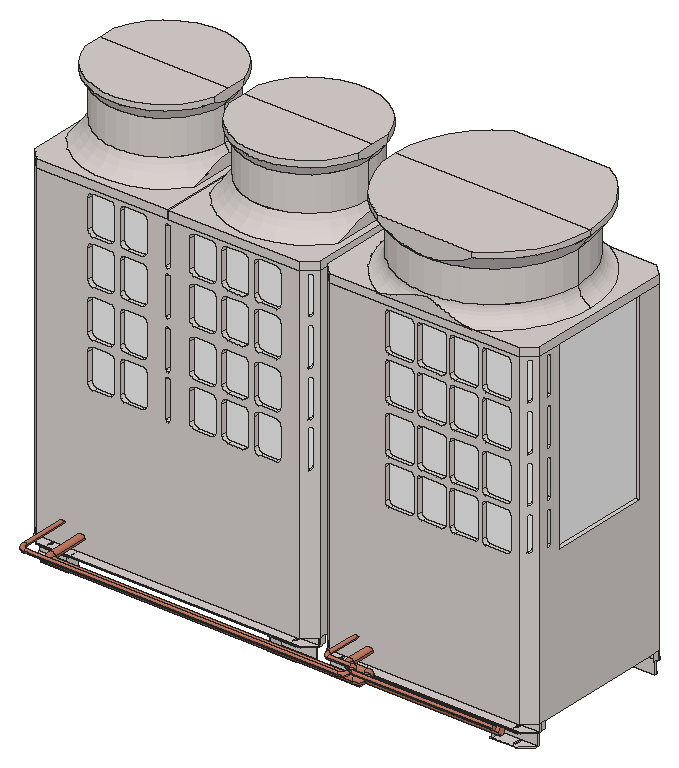
Revit family "PUHY-P650YSNW-A1", category 機械設備, Revit 2016 (continued)
Definition of nested family "PUHY-P400YNW-A1"
  Lines and regions (mm)
    model lines
      curve 105: circle (413, -370, 185) r 13.5 normal (0, -1, 0)
      curve 106: line (352, -370, 223) -> (550, -370, 223)
      curve 107: line (342, -370, 213) -> (342, -370, 95)
      curve 108: arc (342, -370, 213) -> (344.929, -370, 220.071) -> (352, -370, 223) r 10
      curve 109: line (-147.25, 370, 479) -> (-427.25, 370, 479)
      curve 110: line (-427.25, 370, 459) -> (-147.25, 370, 459)
      curve 111: arc (-137.25, 370, 469) -> (-140.179, 370, 476.071) -> (-147.25, 370, 479) r 10
      curve 112: arc (-147.25, 370, 459) -> (-140.179, 370, 461.929) -> (-137.25, 370, 469) r 10
      curve 113: arc (-427.25, 370, 479) -> (-434.321, 370, 476.071) -> (-437.25, 370, 469) r 10
      curve 114: arc (-437.25, 370, 469) -> (-434.321, 370, 461.929) -> (-427.25, 370, 459) r 10
      curve 115: line (-147.25, 370, 374) -> (-427.25, 370, 374)
      curve 116: line (-427.25, 370, 354) -> (-147.25, 370, 354)
      curve 117: arc (-137.25, 370, 364) -> (-140.179, 370, 371.071) -> (-147.25, 370, 374) r 10
      curve 118: arc (-147.25, 370, 354) -> (-140.179, 370, 356.929) -> (-137.25, 370, 364) r 10
      curve 119: arc (-427.25, 370, 374) -> (-434.321, 370, 371.071) -> (-437.25, 370, 364) r 10
      curve 120: arc (-437.25, 370, 364) -> (-434.321, 370, 356.929) -> (-427.25, 370, 354) r 10
      curve 121: line (-147.25, 370, 269) -> (-427.25, 370, 269)
      curve 122: line (-427.25, 370, 249) -> (-147.25, 370, 249)
      curve 123: arc (-137.25, 370, 259) -> (-140.179, 370, 266.071) -> (-147.25, 370, 269) r 10
      curve 124: arc (-147.25, 370, 249) -> (-140.179, 370, 251.929) -> (-137.25, 370, 259) r 10
      curve 125: arc (-427.25, 370, 269) -> (-434.321, 370, 266.071) -> (-437.25, 370, 259) r 10
      curve 126: arc (-437.25, 370, 259) -> (-434.321, 370, 251.929) -> (-427.25, 370, 249) r 10
      curve 127: line (399.5, 370, 584) -> (119.5, 370, 584)
      curve 128: line (119.5, 370, 564) -> (399.5, 370, 564)
      curve 129: arc (409.5, 370, 574) -> (406.571, 370, 581.071) -> (399.5, 370, 584) r 10
      curve 130: arc (399.5, 370, 564) -> (406.571, 370, 566.929) -> (409.5, 370, 574) r 10
      curve 131: arc (119.5, 370, 584) -> (112.429, 370, 581.071) -> (109.5, 370, 574) r 10
      curve 132: arc (109.5, 370, 574) -> (112.429, 370, 566.929) -> (119.5, 370, 564) r 10
      curve 133: line (399.5, 370, 479) -> (119.5, 370, 479)
      curve 134: line (119.5, 370, 459) -> (399.5, 370, 459)
      curve 135: arc (409.5, 370, 469) -> (406.571, 370, 476.071) -> (399.5, 370, 479) r 10
      curve 136: arc (399.5, 370, 459) -> (406.571, 370, 461.929) -> (409.5, 370, 469) r 10
      curve 137: arc (119.5, 370, 479) -> (112.429, 370, 476.071) -> (109.5, 370, 469) r 10
      curve 138: arc (109.5, 370, 469) -> (112.429, 370, 461.929) -> (119.5, 370, 459) r 10
      curve 139: line (399.5, 370, 374) -> (119.5, 370, 374)
      curve 140: line (119.5, 370, 354) -> (399.5, 370, 354)
      curve 141: arc (409.5, 370, 364) -> (406.571, 370, 371.071) -> (399.5, 370, 374) r 10
      curve 142: arc (399.5, 370, 354) -> (406.571, 370, 356.929) -> (409.5, 370, 364) r 10
      curve 143: arc (119.5, 370, 374) -> (112.429, 370, 371.071) -> (109.5, 370, 364) r 10
      curve 144: arc (109.5, 370, 364) -> (112.429, 370, 356.929) -> (119.5, 370, 354) r 10
      curve 145: line (399.5, 370, 269) -> (119.5, 370, 269)
      curve 146: line (119.5, 370, 249) -> (399.5, 370, 249)
      curve 147: arc (409.5, 370, 259) -> (406.571, 370, 266.071) -> (399.5, 370, 269) r 10
      curve 148: arc (399.5, 370, 249) -> (406.571, 370, 251.929) -> (409.5, 370, 259) r 10
      curve 149: arc (119.5, 370, 269) -> (112.429, 370, 266.071) -> (109.5, 370, 259) r 10
      curve 150: arc (109.5, 370, 259) -> (112.429, 370, 251.929) -> (119.5, 370, 249) r 10
      curve 151: line (399.5, -370, 584) -> (119.5, -370, 584)
      curve 152: line (119.5, -370, 564) -> (399.5, -370, 564)
      curve 153: arc (409.5, -370, 574) -> (406.571, -370, 581.071) -> (399.5, -370, 584) r 10
      curve 154: arc (399.5, -370, 564) -> (406.571, -370, 566.929) -> (409.5, -370, 574) r 10
      curve 155: arc (119.5, -370, 584) -> (112.429, -370, 581.071) -> (109.5, -370, 574) r 10
      curve 156: arc (109.5, -370, 574) -> (112.429, -370, 566.929) -> (119.5, -370, 564) r 10
      curve 157: line (399.5, -370, 479) -> (119.5, -370, 479)
      curve 158: line (119.5, -370, 459) -> (399.5, -370, 459)
      curve 159: arc (409.5, -370, 469) -> (406.571, -370, 476.071) -> (399.5, -370, 479) r 10
      curve 160: arc (399.5, -370, 459) -> (406.571, -370, 461.929) -> (409.5, -370, 469) r 10
      curve 161: arc (119.5, -370, 479) -> (112.429, -370, 476.071) -> (109.5, -370, 469) r 10
      curve 162: arc (109.5, -370, 469) -> (112.429, -370, 461.929) -> (119.5, -370, 459) r 10
      curve 163: line (399.5, -370, 374) -> (119.5, -370, 374)
      curve 164: line (119.5, -370, 354) -> (399.5, -370, 354)
      curve 165: arc (409.5, -370, 364) -> (406.571, -370, 371.071) -> (399.5, -370, 374) r 10
      curve 166: arc (399.5, -370, 354) -> (406.571, -370, 356.929) -> (409.5, -370, 364) r 10
      curve 167: arc (119.5, -370, 374) -> (112.429, -370, 371.071) -> (109.5, -370, 364) r 10
      curve 168: arc (109.5, -370, 364) -> (112.429, -370, 356.929) -> (119.5, -370, 354) r 10
      curve 169: arc (119.5, -370, 269) -> (112.429, -370, 266.071) -> (109.5, -370, 259) r 10
      curve 170: arc (109.5, -370, 259) -> (112.429, -370, 251.929) -> (119.5, -370, 249) r 10
      curve 171: line (-147.25, -370, 584) -> (-427.25, -370, 584)
      curve 172: line (-427.25, -370, 564) -> (-147.25, -370, 564)
      curve 173: arc (-137.25, -370, 574) -> (-140.179, -370, 581.071) -> (-147.25, -370, 584) r 10
      curve 174: arc (-147.25, -370, 564) -> (-140.179, -370, 566.929) -> (-137.25, -370, 574) r 10
      curve 175: arc (-427.25, -370, 584) -> (-434.321, -370, 581.071) -> (-437.25, -370, 574) r 10
      curve 176: arc (-437.25, -370, 574) -> (-434.321, -370, 566.929) -> (-427.25, -370, 564) r 10
      curve 177: line (-147.25, -370, 479) -> (-427.25, -370, 479)
      curve 178: line (-427.25, -370, 459) -> (-147.25, -370, 459)
      curve 179: arc (-137.25, -370, 469) -> (-140.179, -370, 476.071) -> (-147.25, -370, 479) r 10
      curve 180: arc (-147.25, -370, 459) -> (-140.179, -370, 461.929) -> (-137.25, -370, 469) r 10
      curve 181: arc (-427.25, -370, 479) -> (-434.321, -370, 476.071) -> (-437.25, -370, 469) r 10
      curve 182: arc (-437.25, -370, 469) -> (-434.321, -370, 461.929) -> (-427.25, -370, 459) r 10
      curve 183: line (-147.25, -370, 374) -> (-427.25, -370, 374)
      curve 184: line (-427.25, -370, 354) -> (-147.25, -370, 354)
      curve 185: arc (-137.25, -370, 364) -> (-140.179, -370, 371.071) -> (-147.25, -370, 374) r 10
      curve 186: arc (-147.25, -370, 354) -> (-140.179, -370, 356.929) -> (-137.25, -370, 364) r 10
      curve 187: arc (-427.25, -370, 374) -> (-434.321, -370, 371.071) -> (-437.25, -370, 364) r 10
      curve 188: arc (-437.25, -370, 364) -> (-434.321, -370, 356.929) -> (-427.25, -370, 354) r 10
      curve 189: line (-147.25, -370, 269) -> (-262.25, -370, 269)
      curve 190: line (-262.25, -370, 249) -> (-147.25, -370, 249)
      curve 191: arc (-137.25, -370, 259) -> (-140.179, -370, 266.071) -> (-147.25, -370, 269) r 10
      curve 192: arc (-147.25, -370, 249) -> (-140.179, -370, 251.929) -> (-137.25, -370, 259) r 10
      curve 193: arc (-262.25, -370, 269) -> (-269.321, -370, 266.071) -> (-272.25, -370, 259) r 10
      curve 194: arc (-272.25, -370, 259) -> (-269.321, -370, 251.929) -> (-262.25, -370, 249) r 10
      curve 195: line (234.5, -370, 269) -> (119.5, -370, 269)
      curve 196: line (119.5, -370, 249) -> (234.5, -370, 249)
      curve 197: arc (244.5, -370, 259) -> (241.571, -370, 266.071) -> (234.5, -370, 269) r 10
      curve 198: arc (234.5, -370, 249) -> (241.571, -370, 251.929) -> (244.5, -370, 259) r 10
  Dimensions and locks
    nested 2 to nested 2 = 303.000 mm
    cut or joined group 1 (Extrusion 1, Extrusion 2, Extrusion 3, Extrusion 4, Extrusion 5, Extrusion 6, Extrusion 7, Extrusion 8, Extrusion 9, Extrusion 10, Extrusion 11, Extrusion 12, Extrusion 13, Extrusion 14, Extrusion 15, Extrusion 16, Extrusion 17, Extrusion 18, Extrusion 19, Extrusion 20, Extrusion 21, Extrusion 22, Extrusion 23, Extrusion 24, Extrusion 25, Extrusion 26, Extrusion 27, Extrusion 28, Extrusion 29, Extrusion 30, Extrusion 31, Extrusion 32, Extrusion 33) to cut or joined group 1 = 1240.000 mm
    Extrusion 2 sketch curve to Extrusion 2 sketch curve = 116.800 mm
    Extrusion 2 sketch curve to Extrusion 2 sketch curve = 170.800 mm
    Extrusion 3 sketch curve to Extrusion 3 sketch curve = 116.800 mm
    Extrusion 3 sketch curve to Extrusion 3 sketch curve = 170.800 mm
    Extrusion 4 sketch curve to Extrusion 4 sketch curve = 116.800 mm
    Extrusion 4 sketch curve to Extrusion 4 sketch curve = 170.800 mm
    Extrusion 5 sketch curve to Extrusion 5 sketch curve = 116.800 mm
    Extrusion 5 sketch curve to Extrusion 5 sketch curve = 170.800 mm
    Extrusion 6 sketch curve to Extrusion 6 sketch curve = 116.800 mm
    Extrusion 6 sketch curve to Extrusion 6 sketch curve = 170.800 mm
    Extrusion 7 sketch curve to Extrusion 7 sketch curve = 116.800 mm
    Extrusion 7 sketch curve to Extrusion 7 sketch curve = 170.800 mm
    Extrusion 8 sketch curve to Extrusion 8 sketch curve = 116.800 mm
    Extrusion 8 sketch curve to Extrusion 8 sketch curve = 170.800 mm
    Extrusion 9 sketch curve to Extrusion 9 sketch curve = 116.800 mm
    Extrusion 9 sketch curve to Extrusion 9 sketch curve = 170.800 mm
    cut or joined group 1 to cut or joined group 1 = 50.000 mm  (x2)
    Extrusion 10 sketch curve to Extrusion 10 sketch curve = 116.800 mm
    Extrusion 10 sketch curve to Extrusion 10 sketch curve = 170.800 mm
    Extrusion 11 sketch curve to Extrusion 11 sketch curve = 116.800 mm
    Extrusion 11 sketch curve to Extrusion 11 sketch curve = 170.800 mm
    Extrusion 12 sketch curve to Extrusion 12 sketch curve = 116.800 mm
    Extrusion 12 sketch curve to Extrusion 12 sketch curve = 170.800 mm
    Extrusion 13 sketch curve to Extrusion 13 sketch curve = 116.800 mm
    Extrusion 13 sketch curve to Extrusion 13 sketch curve = 170.800 mm
    Extrusion 14 sketch curve to Extrusion 14 sketch curve = 116.800 mm
    Extrusion 14 sketch curve to Extrusion 14 sketch curve = 170.800 mm
    Extrusion 15 sketch curve to Extrusion 15 sketch curve = 116.800 mm
    Extrusion 15 sketch curve to Extrusion 15 sketch curve = 170.800 mm
    Extrusion 16 sketch curve to Extrusion 16 sketch curve = 116.800 mm
    Extrusion 16 sketch curve to Extrusion 16 sketch curve = 170.800 mm
    Extrusion 17 sketch curve to Extrusion 17 sketch curve = 116.800 mm
    Extrusion 17 sketch curve to Extrusion 17 sketch curve = 170.800 mm
    Extrusion 18 sketch curve to Extrusion 18 sketch curve = 116.800 mm
    Extrusion 18 sketch curve to Extrusion 18 sketch curve = 170.800 mm
    Extrusion 19 sketch curve to Extrusion 19 sketch curve = 116.800 mm
    Extrusion 19 sketch curve to Extrusion 19 sketch curve = 170.800 mm
    Extrusion 20 sketch curve to Extrusion 20 sketch curve = 116.800 mm
    Extrusion 20 sketch curve to Extrusion 20 sketch curve = 170.800 mm
    Extrusion 21 sketch curve to Extrusion 21 sketch curve = 116.800 mm
    Extrusion 21 sketch curve to Extrusion 21 sketch curve = 170.800 mm
    plane 3 "Center (Left/Right)" to cut or joined group 1 = 620.000 mm
    cut or joined group 1 to plane 3 "Center (Left/Right)" = 620.000 mm
    Extrusion 1 sketch curve to Extrusion 1 sketch curve = 1240.000 mm
    cut or joined group 1 to plane 8 = 185.000 mm
    cut or joined group 1 to plane 7 = 166.000 mm
    cut or joined group 1 to plane 6 = 110.000 mm
    cut or joined group 1 to plane 12 to cut or joined group 1 = 805.000 mm, 621.000 mm
    plane 5 to plane 2 = 1858.000 mm  (x2)
    cut or joined group 1 to plane 19 "132" = 132.000 mm
    cut or joined group 1 to plane 22 = 207.000 mm
    cut or joined group 1 to plane 23 = 256.000 mm
    cut or joined group 1 to plane 6 = 60.000 mm
    cut or joined group 1 to cut or joined group 1 = 42.154 mm
    cut or joined group 1 to cut or joined group 1 = 11.895 mm
    nested 1 to nested 3 to level = 1798.000 mm, 60.000 mm
    nested 1 to nested 1 = 303.000 mm
    nested 1 to nested 3 = 1495.000 mm
    nested 8 to nested 8 to nested 8 to nested 7 to nested 7 to nested 7 = 54.000 mm, 20.000 mm, 592.000 mm, 20.000 mm, 54.000 mm
    nested 3 to nested 3 = 56.000 mm
    plane 11 to plane 31 to plane 32 to cut or joined group 1 = 90.000 mm, 1060.000 mm, 90.000 mm
    curve 103 to nested 7 = 90.000 mm
    curve 104 to nested 7 = 125.000 mm
    curve 101 to nested 7 = 100.000 mm
    curve 11 to curve 13 to nested 7 = 84.000 mm, 71.000 mm
    cut or joined group 1 to curve 12 to curve 14 = 125.000 mm, 148.000 mm
    nested 2 to nested 7 = 1495.000 mm
    curve 87 to cut or joined group 1 = 152.000 mm
    curve 88 to cut or joined group 1 = 172.000 mm
    curve 89 to cut or joined group 1 = 216.000 mm
    cut or joined group 1 to curve 4 to curve 2 = 128.000 mm, 150.000 mm
    cut or joined group 1 to curve 1 to curve 3 = 79.000 mm, 94.000 mm
    Extrusion 32 sketch curve to nested 7 = 116.000 mm
    cut or joined group 1 to Extrusion 32 sketch curve = 160.000 mm
    cut or joined group 1 to Extrusion 33 sketch curve = 243.000 mm
    Extrusion 33 sketch curve to nested 7 = 116.000 mm
    aligned and locked: level to plane 2
    aligned and locked: Extrusion 1 to plane 4
  Nested families
    nested 1: "FAN GUARD" at (-311.5, 2, 860), type "FAN GUARD"
      with WIDTH 870.000 mm
    nested 2: "FAN GUARD" at (311.5, 2, 860) x (-1, 0, 0) z (0, 0, 1), type "FAN GUARD"
      with WIDTH 870.000 mm
    nested 3: "ATTACHMENT LEG" at (-524, -349, 0), type "ATTACHMENT LEG"
    nested 4: "ATTACHMENT LEG" at (-524, 349, 0), type "ATTACHMENT LEG"
    nested 5: "ATTACHMENT LEG" at (524, -349, 0) x (-1, 0, 0) z (0, 0, 1), type "ATTACHMENT LEG"
    nested 6: "ATTACHMENT LEG" at (524, 349, 0) x (-1, 0, 0) z (0, 0, 1), type "ATTACHMENT LEG"
    nested 7: "BASE LEG_L_" at (0, -352, 60), type "BASE LEG_L_"
      with Width 1240.000 mm
    nested 8: "BASE LEG_L_" at (0, 352, 60), type "BASE LEG_L_"
      with Width 1240.000 mm
  Connectors
    piping at (-460, -191, 176), diameter 25.4, driven by "Liquid pipe_radius"
      settings: on cut or joined group 1, index 3, connector inside diameter 25.4 mm, connector length 0.000 mm, flow factor 0, pipe flow 0.0 L/s, pressure drop 0.0 Pa, fitting loss kfactor 0, connector angle 0.00°, fixture units 0, engagement length 0.000 mm, angle of deflection 0.00°, flow configuration 0, flow direction 0, fitting loss method 0, system type 22, joint type 0, gender type 0, connector reference index -1, connector utility 0, adjustable connector no, is connector primary yes, connector description "Refrigerant service valve<Liquid pipe>"
    piping at (-377, -191, 176), diameter 28.58, driven by "Gas pipe_radius"
      settings: on cut or joined group 1, index 4, connector inside diameter 28.58 mm, connector length 0.000 mm, flow factor 0, pipe flow 0.0 L/s, pressure drop 0.0 Pa, fitting loss kfactor 0, connector angle 0.00°, fixture units 0, engagement length 0.000 mm, angle of deflection 0.00°, flow configuration 0, flow direction 0, fitting loss method 0, system type 22, joint type 0, gender type 0, connector reference index -1, connector utility 0, adjustable connector no, is connector primary no, connector description "Refrigerant service valve<Gas>"
    electrical at (0, -370, 808)
      settings: on cut or joined group 1, index 5, voltage 0 V, apparent load 0 VA, apparent load phase1 0 VA, apparent load phase2 0 VA, apparent load phase3 0 VA, power factor 1, load classification none, number of poles 1, system type 30, power factor state 1, is connector primary yes, connector utility no, sub classification motor no, connector description ""
  Definition of nested family "FAN GUARD"
    Parameters
      WIDTH [instance] = 870.000 mm
    Reference planes
      plane 1 "中心(正面/背面)": y = -2
      plane 2: z = 0
      plane 3 "ファンガード基準面": z = 661
      plane 4: y = 368
      plane 5: x = 366
      plane 6: x = -375
      plane 7 "ファンガード基準上面": z = 695
      plane 8 "ファンガード上面": z = 998
      plane 9: x = -273.971
      plane 10: x = 308.5
      plane 11: x = -308.5
      plane 12: x = 0
    Forms (mm)
      Extrusion 1, solid
        sketch origin (85, 0, 661) x (-1, 0, 0) y (0, -1, 0)
          loop
            line (343.5, -368) -> (393.5, -318) -> (393.5, 322) -> (343.5, 372) -> (-223.5, 372) -> (-223.5, -368) -> (343.5, -368)
        from 0 to 34
      Revolve 2, solid
        sketch origin (0, -2, 0) x (1, 0, 0) y (0, 0, 1)
          loop
            line (0, 695) -> (0, 998) -> (-290, 998) -> (-290, 972.327) -> (-260, 928.372) -> (-260, 777.384)
            arc (-260, 777.384) -> (-290.651, 730.137) -> (-334.665, 695) r 175.882
            line (-334.665, 695) -> (0, 695)
          axis (0, 998) -> (0, 695)
        angle from 0 to 360
      Extrusion 3, void
        sketch origin (-840, 75, 695) x (-1, 0, 0) y (0, -1, 0)
          loop
            line (-410, -165) -> (-410, 315) -> (-561.253, 315) -> (-561.253, -165) -> (-410, -165)
        from -35 to 430.592
      Extrusion 4, void
        sketch origin (840, 75, 695) x (1, 0, 0) y (0, 1, 0)
          loop
            line (-410, 165) -> (-561.253, 165) -> (-561.253, -315) -> (-410, -315) -> (-410, 165)
        from 0 to 430.592
    Cuts and joins
      Extrusion 3, Extrusion 4 cuts Revolve 2
      Extrusion 4 cuts Extrusion 1
    Lines and regions (mm)
      model lines
        curve 1: line (-278.747, 0, 998) -> (-80, 0, 998)
        curve 2: line (80, 0, 998) -> (278.747, 0, 998)
        curve 3: circle (0, 0, 998) r 80 normal (0, 0, 1)
        curve 4: line (-278.747, -80, 998) -> (278.747, -80, 998)
        curve 5: line (-241.868, -160, 998) -> (241.868, -160, 998)
        curve 6: line (-162.788, -240, 998) -> (162.788, -240, 998)
        curve 7: line (-278.747, 80, 998) -> (278.747, 80, 998)
        curve 8: line (-241.868, 160, 998) -> (240, 160, 998)
        curve 9: line (-160, 240, 998) -> (162.788, 240, 998)
        curve 10: line (0, 290, 998) -> (0, -290, 998)
        curve 11: line (-20, 289.31, 998) -> (-20, -289.31, 998)
        curve 12: line (-40, 287.228, 998) -> (-40, -287.228, 998)
        curve 13: line (-60, 283.725, 998) -> (-60, -283.725, 998)
        curve 14: line (-80, 278.747, 998) -> (-80, -278.747, 998)
        curve 15: line (20, 289.31, 998) -> (20, -289.31, 998)
        curve 16: line (40, 287.228, 998) -> (40, -287.228, 998)
        curve 17: line (60, 283.725, 998) -> (60, -283.725, 998)
        curve 18: line (80, 278.747, 998) -> (80, -278.747, 998)
        curve 19: line (100, 272.213, 998) -> (100, -272.213, 998)
        curve 20: line (120, 264.008, 998) -> (120, -264.008, 998)
        curve 21: line (140, 253.969, 998) -> (140, -253.969, 998)
        curve 22: line (160, 241.868, 998) -> (160, -243.132, 998)
        curve 23: line (180, 227.376, 998) -> (180, -227.624, 998)
        curve 24: line (200, 210, 998) -> (200, -210, 998)
        curve 25: line (220, 188.944, 998) -> (220, -188.944, 998)
        curve 26: line (240, 160, 998) -> (240, -162.788, 998)
        curve 27: line (260, 128.452, 998) -> (260, -128.452, 998)
        curve 28: line (-100, 272.213, 998) -> (-100, -272.213, 998)
        curve 29: line (-120, 264.008, 998) -> (-120, -264.008, 998)
        curve 30: line (-140, 253.969, 998) -> (-140, -253.969, 998)
        curve 31: line (-160, 240, 998) -> (-160, -241.868, 998)
        curve 32: line (-180, 227.376, 998) -> (-180, -227.376, 998)
        curve 33: line (-200, 210, 998) -> (-200, -210, 998)
        curve 34: line (-220, 188.944, 998) -> (-220, -188.944, 998)
        curve 35: line (-240, 162.788, 998) -> (-240, -162.788, 998)
        curve 36: line (-260, 128.452, 998) -> (-260, -128.452, 998)
        curve 37: line (10, 79.373, 998) -> (10, -79.373, 998)
        curve 38: line (-10, 79.373, 998) -> (-10, -79.373, 998)
        curve 39: line (30, 74.162, 998) -> (30, -74.162, 998)
        curve 40: line (50, 62.45, 998) -> (50, -62.45, 998)
        curve 41: line (70, 38.73, 998) -> (70, -38.73, 998)
        curve 42: line (-30, 74.162, 998) -> (-30, -74.162, 998)
        curve 43: line (-50, 62.45, 998) -> (-50, -62.45, 998)
        curve 44: line (-70, 38.73, 998) -> (-70, -38.73, 998)
    Dimensions and locks
      locked: plane 8 "ファンガード上面" to plane 7 "ファンガード基準上面" at 303
      plane 8 "ファンガード上面" to plane 3 "ファンガード基準面" = 337.000 mm
      Revolve 2 sketch curve to Revolve 2 sketch curve = 290.000 mm
      Extrusion 1 sketch curve to Extrusion 1 sketch curve = 740.000 mm
      equal spacing: Extrusion 1 sketch curve, plane 1 "中心(正面/背面)", Extrusion 1 sketch curve
      plane 6 to plane 5 = 741.000 mm
      Extrusion 1 sketch curve to Extrusion 1 sketch curve = 617.000 mm
      plane 11 to plane 10 = 617.000 mm
      cut or joined group of Extrusion 1, Extrusion 4 to cut or joined group of Extrusion 1, Extrusion 4 = 617.000 mm
      cut or joined group of Extrusion 1, Extrusion 4 to cut or joined group of Extrusion 1, Extrusion 4 = 740.000 mm
      aligned and locked: level to plane 2
      aligned and locked: plane 7 "ファンガード基準上面" to Extrusion 1
      aligned and locked: plane 3 "ファンガード基準面" to Extrusion 1
      aligned and locked: cut or joined group of Revolve 2, Extrusion 3, Extrusion 4 to plane 8 "ファンガード上面"
  Definition of nested family "ATTACHMENT LEG"
    Parameters
      Width = 145.000 mm
    Reference planes
      plane 1: z = 0
      plane 2 "中心(左/右)": x = -6
      plane 3: x = -52
      plane 4: x = 85
      plane 5: x = 93
      plane 6: y = -21
      plane 7: y = 27
      plane 8: x = -30
      plane 9: y = 39
      plane 10: z = 60
      plane 11: z = 57
      plane 12: z = 3
      plane 13: x = 82
      plane 14: y = 36
      plane 15: x = -75
      plane 16: y = 31
      plane 17 "幅": x = 93
      plane 18: y = 2.5
      plane 19: y = 21
      plane 20: y = -10
    Forms (mm)
      Extrusion 1, solid
        sketch origin (0, -1, 0) x (1, 0, 0) y (0, 1, 0)
          loop
            line (-75, 36) -> (-75, 27) -> (-28, -20) -> (93, -20) -> (93, 32) -> (85, 32) -> (85, 36) -> (-75, 36)
        from 0 to 60
      Extrusion 2, void
        sketch origin (0, -3, 0) x (1, 0, 0) y (0, 0, 1)
          loop
            line (-75, 57) -> (-75, 3) -> (82, 3) -> (82, 57) -> (-75, 57)
          loop
            line (93, 57) -> (85, 57) -> (85, 3) -> (93, 3) -> (93, 57)
        from -35 to 18
      Extrusion 3, void
        sketch origin (-6, 5.5, 0) x (1, 0, 0) y (0, 1, 0)
          loop
            arc (-7, -8.5) -> (0, -15.5) -> (7, -8.5) r 7
            line (7, -8.5) -> (7, 8.5)
            arc (7, 8.5) -> (0, 15.5) -> (-7, 8.5) r 7
            line (-7, 8.5) -> (-7, -8.5)
        from 0 to 60
    Cuts and joins
      Extrusion 2, Extrusion 3 cuts Extrusion 1
    Dimensions and locks
      locked: plane 3 to plane 4 at 137
      locked: plane 3 to plane 5 at 145
      plane 6 to plane 7 = 48.000 mm
      locked: plane 10 to level at 60
      Extrusion 3 sketch curve to plane 2 "中心(左/右)" = 7.000 mm
      locked: plane 15 to plane 2 "中心(左/右)" at 69
      locked: plane 15 to plane 8 at 45
      locked: plane 6 to plane 18 at 23.5
      cut or joined group of Extrusion 1, Extrusion 2, Extrusion 3 to cut or joined group of Extrusion 1, Extrusion 2, Extrusion 3 = 168.000 mm
      cut or joined group of Extrusion 1, Extrusion 2, Extrusion 3 to cut or joined group of Extrusion 1, Extrusion 2, Extrusion 3 = 56.000 mm  (x2)
      plane 14 to plane 6 = 57.000 mm
      aligned and locked: level to plane 1
      aligned and locked: Extrusion 1 sketch curve to plane 4
      aligned and locked: Extrusion 1 sketch curve to plane 5
      aligned: plane 8 to Extrusion 1 sketch curve
      aligned and locked: plane 10 to Extrusion 1
      aligned and locked: Extrusion 2 sketch curve to plane 11
      aligned: plane 3 to Extrusion 2 sketch curve
      aligned and locked: plane 12 to Extrusion 2 sketch curve
      aligned and locked: Extrusion 2 sketch curve to plane 13
      aligned and locked: plane 6 to Extrusion 2
      aligned and locked: plane 11 to Extrusion 2 sketch curve
      aligned and locked: plane 5 to Extrusion 2 sketch curve
      aligned and locked: Extrusion 2 sketch curve to plane 12
      aligned and locked: Extrusion 2 sketch curve to plane 4
      aligned and locked: plane 15 to Extrusion 1 sketch curve
      aligned and locked: Extrusion 2 sketch curve to cut or joined group of Extrusion 1, Extrusion 2, Extrusion 3
      aligned and locked: Extrusion 1 to plane 16
  Definition of nested family "BASE LEG_L_"
    Parameters
      Width [instance] = 1240.000 mm
    Reference planes
      plane 1 "中心(正面/背面)": y = 0
      plane 2: z = 0
      plane 3 "中心(左/右)": x = 0
      plane 4: x = 620
      plane 5: x = -620
      plane 6: x = -530
      plane 7: x = 530
      plane 8: y = -18
      plane 9: y = 39
      plane 10: z = 53
      plane 11: y = 42
      plane 12: y = 27
      plane 13: x = 575
      plane 14: x = -575
      plane 15: z = 8
      plane 16: y = 11.5
      plane 17: z = 35
    Forms (mm)
      Extrusion 1, solid
        sketch origin (0, 0, 0) x (0, 1, 0) y (0, 0, 1)
          loop
            line (-18, 0) -> (36, 0) -> (36, 32) -> (56, 32) -> (56, 35) -> (33, 35) -> (33, 3) -> (-18, 3) -> (-18, 0)
        from -620 to 620
      Extrusion 2, void
        sketch origin (0, 0, 0) x (1, 0, 0) y (0, 1, 0)
          loop
            line (575, -18) -> (620, -18) -> (620, 27) -> (575, -18)
          loop
            line (-575, -18) -> (-620, 27) -> (-620, -18) -> (-575, -18)
        from 0 to 250
      Extrusion 3, void
        sketch origin (0, 12.023, 0) x (1, 0, 0) y (0, 1, 0)
          loop
            arc (523, -2.971) -> (530, -9.971) -> (537, -2.971) r 7
            line (537, -2.971) -> (537, 3.023)
            arc (537, 3.023) -> (530, 10.023) -> (523, 3.023) r 7
            line (523, 3.023) -> (523, -2.971)
          loop
            line (-523, -2.971) -> (-523, 3.023)
            arc (-523, 3.023) -> (-530, 10.023) -> (-537, 3.023) r 7
            line (-537, 3.023) -> (-537, -2.971)
            arc (-537, -2.971) -> (-530, -9.971) -> (-523, -2.971) r 7
        from 0 to 250
      Extrusion 4, solid
        sketch origin (0, 0, -3) x (1, 0, 0) y (0, 0, 1)
          loop
            line (617, 8) -> (620, 8) -> (620, 35) -> (617, 35) -> (617, 8)
          loop
            line (-617, 8) -> (-617, 35) -> (-620, 35) -> (-620, 8) -> (-617, 8)
        from -36 to -56
      Extrusion 5, solid
        sketch origin (150, 352, 0) x (1, 0, 0) y (0, 1, 0)
          loop
            line (460, -319) -> (455, -319) -> (455, -320) -> (405, -370) -> (410, -370) -> (460, -320) -> (460, -319)
        from 3 to 35
      Extrusion 6, void
        sketch origin (560, -18, 0) x (0.707107, 0.707107, 0) y (0, 0, 1)
          loop
            line (70.711, 3) -> (-6.741, 39.767) -> (-6.741, 3) -> (70.711, 3)
        from -190.256 to 23.776
      Extrusion 7, solid
        sketch origin (-150, 352, 0) x (-1, 0, 0) y (0, -1, 0)
          loop
            line (460, 319) -> (460, 320) -> (410, 370) -> (405, 370) -> (455, 320) -> (455, 319) -> (460, 319)
        from 3 to 35
      Extrusion 8, void
        sketch origin (-560, -18, 0) x (0.707107, -0.707107, 0) y (0, 0, -1)
          loop
            line (-70.711, -3) -> (0, -35) -> (6.741, -35) -> (6.741, -3) -> (-70.711, -3)
        from -190.256 to 23.776
    Cuts and joins
      Extrusion 2, Extrusion 3 cuts Extrusion 1
      joined: Extrusion 1, Extrusion 4
      Extrusion 8 cuts Extrusion 7
      Extrusion 6 cuts Extrusion 5
    Dimensions and locks
      "Width": plane 5 to plane 4
      equal spacing: plane 5, plane 3 "中心(左/右)", plane 4
      locked: plane 5 to plane 6 at 90
      locked: plane 7 to plane 4 at 90
      locked: plane 8 to plane 9 at 57
      locked: plane 10 to level at 53
      locked: plane 9 to plane 11 at 3
      plane 8 to plane 12 = 45.000 mm
      locked: plane 13 to plane 4 at 45
      locked: plane 5 to plane 14 at 45
      equal spacing: Extrusion 3 sketch curve, plane 7, Extrusion 3 sketch curve
      equal spacing: Extrusion 3 sketch curve, plane 6, Extrusion 3 sketch curve
      locked: plane 10 to plane 15 at 45
      locked: cut or joined group of Extrusion 1, Extrusion 2, Extrusion 3, Extrusion 4 to Extrusion 4 sketch curve at 3  (x2)
      locked: plane 8 to plane 16 at 29.5
      plane 8 to plane 11 = 60.000 mm
      cut or joined group of Extrusion 1, Extrusion 2, Extrusion 3, Extrusion 4 to cut or joined group of Extrusion 1, Extrusion 2, Extrusion 3, Extrusion 4 = 35.000 mm
      aligned and locked: level to plane 2
      aligned and locked: plane 8 to Extrusion 1 sketch curve
      aligned and locked: plane 4 to Extrusion 1
      aligned and locked: Extrusion 1 to plane 5
      aligned and locked: Extrusion 2 sketch curve to plane 4
      aligned and locked: Extrusion 2 sketch curve to plane 8
      aligned and locked: plane 12 to Extrusion 2 sketch curve
      aligned and locked: plane 13 to Extrusion 2 sketch curve
      aligned and locked: plane 4 to Extrusion 4 sketch curve
      aligned and locked: plane 5 to Extrusion 4 sketch curve
      aligned and locked: cut or joined group of Extrusion 7, Extrusion 8 to cut or joined group of Extrusion 1, Extrusion 2, Extrusion 3, Extrusion 4
    Automatic sketch dimensions
      Extrusion 3 sketch curve to plane 1 "中心(正面/背面)" = 9.052 mm  (x2)
      Extrusion 3 sketch curve to plane 7 = 7.000 mm
      Extrusion 3 sketch curve to plane 1 "中心(正面/背面)" = 15.046 mm  (x2)
      Extrusion 3 sketch curve to plane 6 = 7.000 mm
      Extrusion 2 sketch curve to plane 5 = 0.000 mm
      plane 8 to Extrusion 2 sketch curve = 0.000 mm
      Extrusion 2 sketch curve to plane 14 = 0.000 mm
      plane 12 to Extrusion 2 sketch curve = 0.000 mm
      Extrusion 4 sketch curve to plane 10 = 21.000 mm
      plane 7 to Extrusion 5 sketch curve = 25.000 mm
      Extrusion 5 sketch curve to Extrusion 5 sketch curve = 5.000 mm  (x2)
      plane 7 to Extrusion 5 sketch curve = 75.000 mm
      plane 8 to Extrusion 5 sketch curve = 0.000 mm
      Extrusion 5 sketch curve to Extrusion 5 sketch curve = 50.000 mm
      Extrusion 5 sketch curve to Extrusion 5 sketch curve = 0.000 mm
      Extrusion 5 sketch curve to Extrusion 5 sketch curve = 1.000 mm
      Extrusion 6 sketch curve to Extrusion 5 = 0.000 mm  (x2)
      Extrusion 6 sketch curve to Extrusion 5 = 6.741 mm
      Extrusion 6 sketch curve to Extrusion 5 = 4.767 mm
      plane 6 to Extrusion 7 sketch curve = 25.000 mm
      Extrusion 7 sketch curve to Extrusion 7 sketch curve = 5.000 mm  (x2)
      Extrusion 7 sketch curve to Extrusion 7 sketch curve = 45.000 mm
      Extrusion 7 sketch curve to plane 8 = 0.000 mm
      Extrusion 7 sketch curve to Extrusion 7 sketch curve = 50.000 mm
      Extrusion 7 sketch curve to Extrusion 7 sketch curve = 0.000 mm
      Extrusion 7 sketch curve to Extrusion 7 sketch curve = 1.000 mm
      Extrusion 8 sketch curve to Extrusion 7 = 0.000 mm  (x2)
      Extrusion 7 to Extrusion 8 sketch curve = 0.000 mm  (x2)
      Extrusion 7 to Extrusion 8 sketch curve = 6.741 mm
      Extrusion 4 sketch curve to plane 17 = 3.000 mm
      Extrusion 4 sketch curve to plane 15 = 3.000 mm  (x2)
      Extrusion 1 sketch curve to plane 17 = 0.000 mm
      Extrusion 1 sketch curve to level = 0.000 mm
      level to Extrusion 1 sketch curve = 3.000 mm
      plane 9 to Extrusion 1 sketch curve = 6.000 mm
      plane 9 to Extrusion 1 sketch curve = 3.000 mm
      Extrusion 1 sketch curve to plane 17 = 3.000 mm
      Extrusion 1 sketch curve to plane 11 = 14.000 mm
Types (6, lengths in mm): name | Voltage | Hertz | Heating Rated Load Ampacity (A) | Heating Current Input (Nominal) (A) | Heating Current Input (A) | Cooling Rated Load Ampacity (A) | Cooling Current Input (A)
  PUHY-P650YSNW-A1_380V_50Hz | 380 V | 50 Hz | 34 | 28.6 | 34 | 36.7 | 36.7
  PUHY-P650YSNW-A1_380V_60Hz | 380 V | 60 Hz | 34 | 28.6 | 34 | 36.7 | 36.7
  PUHY-P650YSNW-A1_400V_50Hz | 400 V | 50 Hz | 32.3 | 27.2 | 32.3 | 34.9 | 34.9
  PUHY-P650YSNW-A1_400V_60Hz | 400 V | 60 Hz | 32.3 | 27.2 | 32.3 | 34.9 | 34.9
  PUHY-P650YSNW-A1_415V_50Hz | 415 V | 50 Hz | 31.1 | 26.2 | 31.1 | 33.6 | 33.6
  PUHY-P650YSNW-A1_415V_60Hz | 415 V | 60 Hz | 31.1 | 26.2 | 31.1 | 33.6 | 33.6
